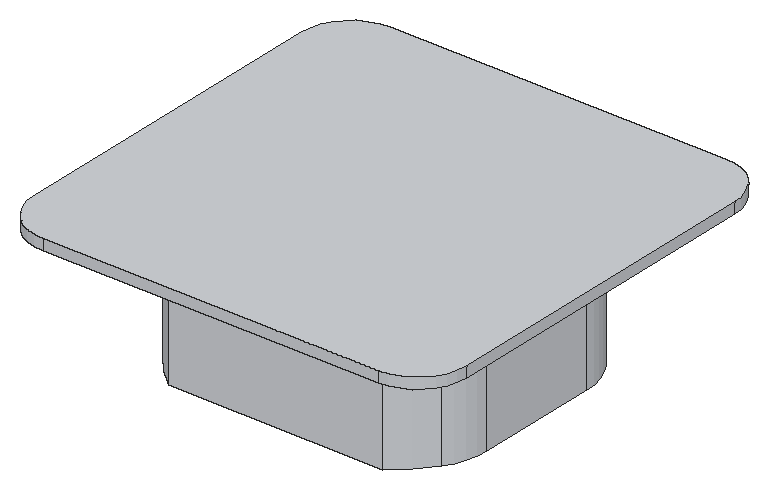
Revit family "Gira_019000", category Electrical Fixtures, host Face, Revit 2017
Family settings
  Host = Face
  Maintain Annotation Orientation = Yes
  Round Connector Dimension = Use Diameter
  Part Type = Normal
  Cut with Voids When Loaded = No
  Shared = No
  Room Calculation Point = No
Parameters
  Unterputz = "Yes"
  URL = "http://katalog.gira.de/de_DE/datenblatt.html?artikelnr=019000"
  Steckverbindertyp = "sonstige"
  Schutzart (IP) = "IP20"
  Region = "DE"
  Name = "UAE/IAE-Anschlussdose 2 x 8-p 8/8 SRK Einsatz"
  Mit Textfeld = "No"
  Mit Staubschutz = "No"
  Mit Buchsen/Kupplungen = "No"
  Manufacturer URL = "https://www.gira.de/"
  Keynote = "Einsatz_1fach"
  Kategorie = "3 (*en-EN)"
  Kanaleinbau = "No"
  HeinzeBIM = "https://bimportal.heinze.de/bim/uae-iae-anschlussdose-2-x-8-p-8-8-srk-einsatz/e485ac8e91fa39a17d9b5e1e91ba17dc179193b4"
  HAN = "019000"
  Geeignet für Anzahl Buchsen/Kupplungen = "2 "
  GTIN = "4010337190004"
  Farbe = "sonstige"
  Designfähig = "No"
  Default Elevation = 1219.2 mm
  Data sheet (1) = "https://katalog.gira.de/de_DE/download.html?artikelnr=019000"
  Category = "Kommunikationsanschlussdose Kupfer"
  Bodentank/Unterflurmontage = "No"
  Befestigungsart = "schrauben"
  Available = "Yes"
  Auslassrichtung = "gerade"
  Aufputz = "No"
  Anschlussart = "Schraube"
  Abschlusswiderstand = "No"
Reference planes
  plane 1 "Center (Front/Back)": y = 0
  plane 2: z = 0
  plane 3 "Center (Left/Right)": x = 0
Forms (mm)
  Extrusion 1, solid, detail levels fine
    sketch origin (0, 0, 0) x (1, 0, 0) y (0, 1, 0)
      loop
        line (27.475, 35.475) -> (-27.475, 35.475)
        arc (-27.475, 35.475) -> (-33.132, 33.132) -> (-35.475, 27.475) r 8
        line (-35.475, 27.475) -> (-35.475, -27.475)
        arc (-35.475, -27.475) -> (-33.132, -33.132) -> (-27.475, -35.475) r 8
        line (-27.475, -35.475) -> (27.475, -35.475)
        arc (27.475, -35.475) -> (33.132, -33.132) -> (35.475, -27.475) r 8
        line (35.475, -27.475) -> (35.475, 27.475)
        arc (35.475, 27.475) -> (33.132, 33.132) -> (27.475, 35.475) r 8
    from 0 to 1.8
  Extrusion 2, solid, detail levels fine
    sketch origin (0, 0, 0) x (1, 0, 0) y (0, 1, 0)
      loop
        line (9.678, 25.4) -> (-9.678, 25.4)
        arc (-9.678, 25.4) -> (-12.885, 24.922) -> (-15.814, 23.53) r 11
        arc (-15.814, 23.53) -> (-17.795, 22.07) -> (-19.641, 20.444) r 28.35
        arc (-19.641, 20.444) -> (-21.339, 18.665) -> (-22.876, 16.745) r 28.35
        arc (-22.876, 16.745) -> (-24.456, 13.666) -> (-25, 10.248) r 11
        line (-25, 10.248) -> (-25, -10.248)
        arc (-25, -10.248) -> (-24.456, -13.666) -> (-22.876, -16.745) r 11
        arc (-22.876, -16.745) -> (-20.409, -19.677) -> (-17.569, -22.25) r 28.35
        line (-17.569, -22.25) -> (17.569, -22.25)
        arc (17.569, -22.25) -> (20.409, -19.677) -> (22.876, -16.745) r 28.35
        arc (22.876, -16.745) -> (24.456, -13.666) -> (25, -10.248) r 11
        line (25, -10.248) -> (25, 10.248)
        arc (25, 10.248) -> (24.456, 13.666) -> (22.876, 16.745) r 11
        arc (22.876, 16.745) -> (21.593, 18.37) -> (20.195, 19.897) r 28.35
        arc (20.195, 19.897) -> (18.096, 21.823) -> (15.814, 23.53) r 28.35
        arc (15.814, 23.53) -> (12.885, 24.922) -> (9.678, 25.4) r 11
    from -22 to 0
  Extrusion 3, solid, detail levels medium
    sketch origin (0, 0, 0) x (1, 0, 0) y (0, 1, 0)
      loop
        line (-25, 25.4) -> (-25, -22.25) -> (25, -22.25) -> (25, 25.4) -> (-25, 25.4)
    from -22 to 0
  Extrusion 4, solid, detail levels coarse
    sketch origin (0, 0, 0) x (1, 0, 0) y (0, 1, 0)
      loop
        line (35.475, 35.475) -> (-35.475, 35.475) -> (-35.475, -35.475) -> (35.475, -35.475) -> (35.475, 35.475)
    from -22 to 1.8
  Extrusion 5, solid, detail levels medium
    sketch origin (0, 0, 0) x (1, 0, 0) y (0, 1, 0)
      loop
        line (35.475, 35.475) -> (-35.475, 35.475) -> (-35.475, -35.475) -> (35.475, -35.475) -> (35.475, 35.475)
    from 0 to 1.8
Dimensions and locks
  aligned and locked: plane 2 to host face
  aligned and locked: level to host face
  aligned and locked: plane 3 "Center (Left/Right)" to nested 1
  aligned and locked: plane 1 "Center (Front/Back)" to nested 1
Nested families
  nested 1: "RJ45-Datendose Beschriftung" at (0, 0, 0), type "RJ45-Datendose Beschriftung"
Connectors
  electrical at (0, 0, -22)
    settings: on Extrusion 4, index 1, voltage 220 V, apparent load 0 VA, apparent load phase1 0 VA, apparent load phase2 0 VA, apparent load phase3 0 VA, power factor 1, load classification "Other", number of poles 1, system type 30, power factor state 1, is connector primary yes, connector utility no, sub classification motor no, connector description ""
Definition of nested family "RJ45-Datendose Beschriftung"
  Reference planes
    plane 1: y = 0
    plane 2: x = 0
  Lines and regions (mm)
    Filled region 1, type "Gefüllter Bereich 1"
      outline origin (0, 0, 0) x (1, 0, 0) y (0, 1, 0)
        loop
          circle (0, 2.4) r 0.4
    detail lines
      curve 1: line (0, 0, 0) -> (0, 2, 0)
      curve 2: line (0, 2, 0) -> (1.2, 2, 0)
      curve 3: line (1.2, 2, 0) -> (1.2, 3.6, 0)
      curve 4: circle (0, 2.4, 0) r 0.4 normal (0, 0, 1)
      curve 5: line (0, 2, 0) -> (-1.2, 2, 0)
      curve 6: line (-1.2, 2, 0) -> (-1.2, 3.6, 0)
